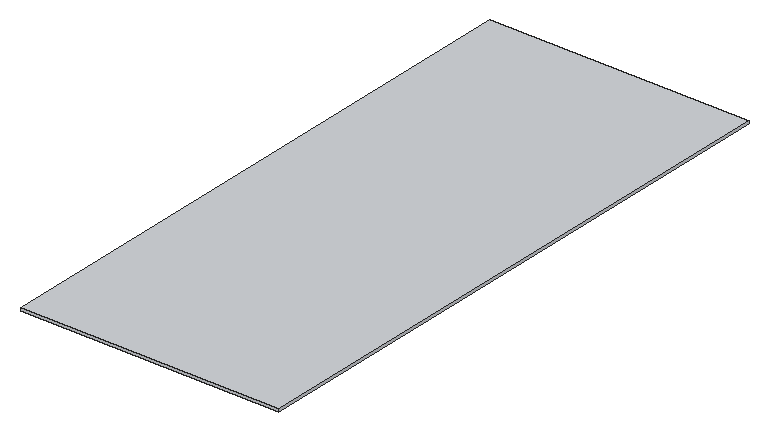
Revit family "Pnl_Furniture-Labgrade-ABET-16mm-3660x1610-M3_000000", category Arredi, Revit 2016
Family settings
  Numero OmniClass = 23.40.70.11.11
  Titolo OmniClass = Laboratory Equipment and Furnishings
  Basato su piano di lavoro = Sì
  Sempre verticale = No
  Taglio con vuoti quando caricato = Sì
  Condiviso = Sì
  Punto di calcolo locali = No
Parameters (values of type "3660x1610mm")
  Uniclass_2015_Description = "Compact or solid grade high-pressure laminate (HPL) boards"
  Uniclass2015_Code = "Pr_25_71_63_15"
  URL = "http://abetlaminati.com/en/"
  Sys_Validation4 [instance] = ""
  Sys_Validation3 [instance] = ""
  Sys_Validation2 [instance] = ""
  Sys_Validation1 [instance] = ""
  Sys_URL(Use-and-MaintenanceManual) = "http://abetlaminati.com/app/uploads/2015/07/General-recommendations-for-thin-and-compact-laminates.pdf"
  Sys_URL(TechnicalProductDataSheet) = "http://abetlaminati.com/app/uploads/2015/07/Labgrade.pdf"
  Sys_URL(ManufacturerWebsite) = "http://abetlaminati.com/en/"
  Sys_URL(DB-Management) = ""
  Sys_T1 [instance] = 0
  Sys_Sheet1 [instance] = ""
  Sys_SerialNumber [instance] = ""
  Sys_S1 [instance] = ""
  Sys_R1 [instance] = 0
  Sys_Qualification [instance] = yes
  Sys_Out-of-Production [instance] = yes
  Sys_M1 [instance] = ""
  Sys_LEED1 [instance] = ""
  Sys_LEED [instance] = 0
  Sys_K-Progress [instance] = 0
  Sys_Installer [instance] = ""
  Sys_Installation [instance] = yes
  Sys_Identification [instance] = yes
  Sys_Furnisher [instance] = ""
  Sys_F1 [instance] = 0
  Sys_Equivalent [instance] = ""
  Sys_Declaration-of-Performance [instance] = ""
  Sys_Classification = ""
  Sys_CR1 [instance] = 0
  Sys_COD1 [instance] = ""
  Sys_CE-Marking [instance] = yes
  Sys_CA1 [instance] = 0
  Sys_C1 [instance] = 0
  Sys_Acceptance [instance] = yes
  Default Elevation = 0 mm
  Produttore = "Abet Laminati S.P.A."
  Modello = "Labgrade"
  IfcExportType = "NOTDEFINED"
  IfcExportAs = "IfcFurniture"
  Descrizione = "Self-supporting material consisting of layers of kraft paper impregnated with thermosetting resins and layers of decorative paper impregnated with aminoplastic resins; all bonded together by means of high pressure (9 MPa) and heat (150 °C). The surface is nontoxic, chemically inert and physiologically safe. It is approved for use in contact with foodstuffs. For its outstanding resistance to chemicals, it is particularly suitable for applications in chemistry, physics, photographics, cosmetics, electronics and nuclear laboratories, for schools and industrial kitchens."
  Commenti sul tipo = "3660x1610mm"
  COBie_WarrantyStartDate [instance] = ""
  COBie_WarrantyGuarantorLabour = ""
  COBie_WarrantyDurationUnit = ""
  COBie_WarrantyDurationParts = 0
  COBie_WarrantyDurationLabour = 0
  COBie_WarrantyDescription = ""
  COBie_SpareParts = ""
  COBie_Size = ""
  COBie_Shape = ""
  COBie_SerialNumber [instance] = 0
  COBie_ReplacementCost = 0
  COBie_ReferencedStandard = ""
  COBie_ProductionYear = ""
  COBie_Material = ""
  COBie_InstallationDate [instance] = ""
  COBie_Grade = ""
  COBie_Finish = ""
  COBie_Features = ""
  COBie_ExpectedLife = 0
  COBie_DurationUnit = ""
  COBie_Cost = 0
  COBie_Color = ""
  ABET_Width_value = 1610 mm
  ABET_Width_max = 1610 mm  # constant formula
  ABET_Width = if(ABET_Width_value > ABET_Width_max, ABET_Width_max, ABET_Width_value)  # 1610 mm
  ABET_Thickness = 16 mm  # constant formula
  ABET_Offset = 0 mm
  ABET_Length_value = 3660 mm
  ABET_Length_max = 3660 mm  # constant formula
  ABET_Length = if(ABET_Length_value > ABET_Length_max, ABET_Length_max, ABET_Length_value)  # 3660 mm
  ABET_Labgrade_Mat [instance] = none
  ABET-Thickness-EN_438-2.5 = "±0,7 mm"
  ABET-Thermal_Conductivity-DIN_52 612 = "0,25 W/m°K"
  ABET-Tensile_strength-EN_ISO_527-2 = "≥60 Mpa"
  ABET-Straightness_edges-EN_438-2.7 = "1,5 mm/m"
  ABET-Stability_elevated_Temp-T-EN_438-2.17 = "0,6%"
  ABET-Stability_elevated_Temp-L-EN_438-2.17 = "0,3%"
  ABET-Squareness-EN_438-2.8 = "1,5 mm/m"
  ABET-R_wet_heat_100dC-EN_12721 = "4 (min)"
  ABET-R_water_vapour-EN_438-2.14 = "4 (min)"
  ABET-R_surface_wear-Wear_value-EN_438-2.10 = "≥350 giri"
  ABET-R_surface_wear-Inial_point-EN_438-2.10 = "≥150 giri"
  ABET-R_scratching-EN_438-2.25 = "3 (min)"
  ABET-R_impacy_La_D_ball-Indentation_D-EN_438-2.21 = "10 mm(max)"
  ABET-R_impacy_La_D_ball-Drop_H-EN_438-2.21 = "1800 mm(min)"
  ABET-R_imm_boiling_water-Thickness_incr-EN_438-2.12 = "2% (max)"
  ABET-R_imm_boiling_water-M_incr-EN_438-2.12 = "2% (max)"
  ABET-R_imm_boiling_water-EN_438-2.12 = "4 (min)"
  ABET-R_dry_heat_180dC-EN_438-2.16 = "4 (min)"
  ABET-R_cigarette_burns-EN_438-2.30 = "3 (min)"
  ABET-Lightfastness-EN_438-2.27 = "4 scala grigi (min)"
  ABET-Length_Width-EN_438-2.6 = "+10/0 mm"
  ABET-Flexural_strength-EN_ISO_178 = "≥80  Mpa"
  ABET-Flexural_modulus-EN_ISO_178 = "≥9.000  Mpa"
  ABET-Flatness-EN_438-2.9 = "≤3,0 mm/m"
  ABET-Electrical_R-EN_61340-4-1 = "1x10^9 - 1x10^11 Ohm"
  ABET-Density-ISO_1183 = "≥1,35 gr/cm3"
  ABET-Coeff_linear_thermal_expansion-T-ASTM_D_696 = "3,5 x  10^-5 ca  °C-1"
  ABET-Coeff_linear_thermal_expansion-L-ASTM_D_696 = "1,6 x 10^-5 ca °C-1"
Reference planes
  plane 1 "Center (Front/Back)": y = 0
  plane 2: z = 0
  plane 3 "Center (Left/Right)": x = 0
  plane 4: x = -805
  plane 5: x = 805
  plane 6: y = 1830
  plane 7: y = -1830
  plane 8: z = 0
  plane 9: z = 16
Forms (mm)
  Extrusion 1, solid, material <- "ABET_Labgrade_Mat"
    sketch origin (0, 0, 0) x (1, 0, 0) y (0, 1, 0)
      loop
        line (-805, 1830) -> (-805, -1830) -> (805, -1830) -> (805, 1830) -> (-805, 1830)
    from 0 to 16
Dimensions and locks
  equal spacing: plane 4, plane 3 "Center (Left/Right)", plane 5
  equal spacing: plane 6, plane 1 "Center (Front/Back)", plane 7
  "ABET_Offset": plane 2 to plane 8
  "ABET_Thickness": plane 8 to plane 9
  "ABET_Length": plane 6 to plane 7
  "ABET_Width": plane 4 to plane 5
  aligned and locked: level to plane 2
  aligned and locked: Extrusion 1 sketch curve to plane 6
  aligned and locked: plane 7 to Extrusion 1 sketch curve
  aligned and locked: Extrusion 1 sketch curve to plane 5
  aligned and locked: Extrusion 1 to plane 8
  aligned and locked: plane 9 to Extrusion 1
  aligned and locked: Extrusion 1 sketch curve to plane 4
